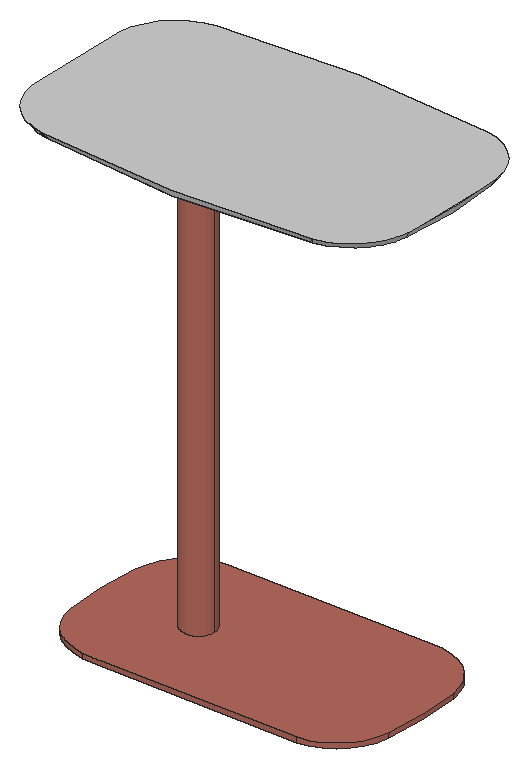
Revit family "Haworth_Pip_Table_Side", category Furniture, Revit 2018
Family settings
  OmniClass Number = 23.40.20.00
  OmniClass Title = General Furniture and Specialties
  Work Plane-Based = No
  Always vertical = Yes
  Cut with Voids When Loaded = No
  Shared = No
  Room Calculation Point = No
Parameters (values of type "13d 21w 26h")
  Warranty = "http://www.haworth.com/resources/product-info/warranties"
  Version = "2"  # constant formula
  URL - Product = "http://www.haworth.com/products/"
  URL = "http://www.haworth.com/"
  Table Finish [instance] = Haworth _ Paint _ Putty
  Size = "Verify Final Dim. w/ Haworth"  # constant formula
  Model = "STP"
  Manufacturer = "Haworth"  # constant formula
  Glide Finish = Haworth _ Polymer _ Black
  Description = "Haworth Pip Table Side - 13d 21w 26h"
  Base Finish [instance] = Haworth _ Paint _ Rusty Red
  Author = "Haworth (Bentzen)"  # constant formula
  Assembly Code = "E2020200"
  Actual Width = 1' - 9"  # constant formula
  Actual Height = 2' - 2"  # constant formula
  Actual Depth = 1' - 1"  # constant formula
Reference planes (in)
  plane 1: z = 0
  plane 2 "Center Left/Right": x = -0.23532
  plane 3: x = -10.73532
  plane 4: x = 10.26468
  plane 5: y = 7.75
  plane 6: y = -5.25
  plane 7 "Table top": z = 26
  plane 8: x = -7.36032
  plane 9: x = 6.88968
  plane 10: y = 4.375
  plane 11: y = -1.875
  plane 12: z = 25.25
  plane 13: z = 25.68102
  plane 14: z = 25.41058
  plane 15: y = 7.625
  plane 16: y = 7.125
  plane 17: y = 1.25
  plane 18: y = -5.125
  plane 19: y = -4.625
  plane 20: x = -10.61032
  plane 21: x = -10.11032
  plane 22: x = 10.13968
  plane 23: x = 9.63968
  plane 24: y = -3.625
  plane 25: y = 6.125
  plane 26: x = -4.73532
  plane 27: x = -2.98532
  plane 28: x = -3.86032
  plane 29 "base outter1": x = -9.23532
  plane 30 "base outter2": x = 8.76468
  plane 31: z = 0.375
  plane 32: z = 0.125
  plane 33: x = -8.05314
  plane 34: x = 7.5825
  plane 35: x = -6.05314
  plane 36: x = 5.5825
  plane 37 "base outter back": y = 6.5
  plane 38 "base otter front": y = -4
  plane 39: y = -3.5
  plane 40: x = -5.73532
  plane 41: x = -5.73532
  plane 42: y = -3.02719
  plane 43: y = 7.08295
  plane 44: y = 6.95678
  plane 45: x = -8.13653
  plane 46: y = -4.58295
  plane 47: y = -4.45678
  plane 48: x = -8.13653
  plane 49: x = -10.38327
  plane 50: x = -10.25827
  plane 51: y = 5.04071
  plane 52: x = -10.38327
  plane 53: x = -10.25827
  plane 54: y = -2.54071
  plane 55: x = 9.91262
  plane 56: x = 9.78762
  plane 57: y = 5.04071
  plane 58: x = 9.91262
  plane 59: x = 9.78762
  plane 60: y = -2.54071
  plane 61: y = 7.08295
  plane 62: y = 6.95678
  plane 63: x = 7.66589
  plane 64: y = -4.58295
  plane 65: y = -4.45678
  plane 66: x = 7.66589
  plane 67: x = -14.5848
  plane 68: x = -14.66322
  plane 69: x = -17.3393
  plane 70: z = 25.2842
  plane 71: x = -15.50449
  plane 72: z = 25.34995
  plane 73: x = -10.07126
  plane 74: x = -9.57126
  plane 75: y = 6.41771
  plane 76: y = 7.08594
  plane 77: x = -7.93454
  plane 78: x = -7.43454
  plane 79: y = 4.281
  plane 80: y = 4.94922
Forms (in)
  Blend 1, solid, material "Haworth _ Paint _ Putty" <- "Table Finish"
    base sketch origin (0, 0, 0) x (1, 0, 0) y (0, 1, 0)
      loop
        arc (-7.56691, 7.05023) -> (-9.45692, 6.07971) -> (-10.40123, 4.17647) r 3.39844
        arc (-10.40123, 4.17647) -> (-10.61032, 1.25) -> (-10.40123, -1.67647) r 20.58396
        arc (-10.40123, -1.67647) -> (-9.45692, -3.57971) -> (-7.56691, -4.55023) r 3.39844
        arc (-7.56691, -4.55023) -> (-0.23532, -5.125) -> (7.09627, -4.55023) r 47.04691
        arc (7.09627, -4.55023) -> (8.98627, -3.57971) -> (9.93058, -1.67647) r 3.39844
        arc (9.93058, -1.67647) -> (10.13968, 1.25) -> (9.93058, 4.17647) r 20.58396
        arc (9.93058, 4.17647) -> (8.98627, 6.07971) -> (7.09627, 7.05023) r 3.39844
        arc (7.09627, 7.05023) -> (-0.23532, 7.625) -> (-7.56691, 7.05023) r 47.04691
    top sketch origin (0, 0, 0) x (1, 0, 0) y (0, 1, 0)
      loop
        arc (-7.64826, 7.26694) -> (-9.64872, 6.26123) -> (-10.58939, 4.22937) r 3.39844
        arc (-10.58939, 4.22937) -> (-10.73532, 1.25) -> (-10.58939, -1.72937) r 30.48607
        arc (-10.58939, -1.72937) -> (-9.64872, -3.76123) -> (-7.64826, -4.76694) r 3.39844
        arc (-7.64826, -4.76694) -> (-0.23532, -5.25) -> (7.17761, -4.76694) r 57.12041
        arc (7.17761, -4.76694) -> (9.17808, -3.76123) -> (10.11874, -1.72937) r 3.39844
        arc (10.11874, -1.72937) -> (10.26468, 1.25) -> (10.11874, 4.22937) r 30.48607
        arc (10.11874, 4.22937) -> (9.17808, 6.26123) -> (7.17761, 7.26694) r 3.39844
        arc (7.17761, 7.26694) -> (-0.23532, 7.75) -> (-7.64826, 7.26694) r 57.12041
    from 25.68102 to 26
  Blend 2, solid, material "Haworth _ Paint _ Putty" <- "Table Finish"
    base sketch origin (0, 0, 0) x (1, 0, 0) y (0, 1, 0)
      loop
        arc (-7.28013, 6.5555) -> (-8.89808, 5.76442) -> (-9.77275, 4.19008) r 3.00391
        arc (-9.77275, 4.19008) -> (-10.0717, 1.25) -> (-9.77275, -1.69008) r 14.60707
        arc (-9.77275, -1.69008) -> (-8.89808, -3.26442) -> (-7.28013, -4.0555) r 3.00391
        arc (-7.28013, -4.0555) -> (-0.23532, -4.58594) -> (6.80948, -4.0555) r 47.04691
        arc (6.80948, -4.0555) -> (8.42743, -3.26442) -> (9.30211, -1.69008) r 3.00391
        arc (9.30211, -1.69008) -> (9.60105, 1.25) -> (9.30211, 4.19008) r 14.60707
        arc (9.30211, 4.19008) -> (8.42743, 5.76442) -> (6.80948, 6.5555) r 3.00391
        arc (6.80948, 6.5555) -> (-0.23532, 7.08594) -> (-7.28013, 6.5555) r 47.04691
    top sketch origin (0, 0, 0) x (1, 0, 0) y (0, 1, 0)
      loop
        arc (-10.40123, 4.17647) -> (-10.61032, 1.25) -> (-10.40123, -1.67647) r 20.58396
        arc (-10.40123, -1.67647) -> (-9.45692, -3.57971) -> (-7.56691, -4.55023) r 3.39844
        arc (-7.56691, -4.55023) -> (-0.23532, -5.125) -> (7.09627, -4.55023) r 47.04691
        arc (7.09627, -4.55023) -> (8.98627, -3.57971) -> (9.93058, -1.67647) r 3.39844
        arc (9.93058, -1.67647) -> (10.13968, 1.25) -> (9.93058, 4.17647) r 20.58396
        arc (9.93058, 4.17647) -> (8.98627, 6.07971) -> (7.09627, 7.05023) r 3.39844
        arc (7.09627, 7.05023) -> (-0.23532, 7.625) -> (-7.56691, 7.05023) r 47.04691
        arc (-7.56691, 7.05023) -> (-9.45692, 6.07971) -> (-10.40123, 4.17647) r 3.39844
    from 25.41058 to 25.68102
  Blend 3, solid, material "Haworth _ Paint _ Putty" <- "Table Finish"
    base sketch origin (0, 0, 0) x (1, 0, 0) y (0, 1, 0)
      loop
        arc (-5.94726, 4.60119) -> (-7.25658, 3.95178) -> (-7.86973, 2.6251) r 2.19922
        arc (-7.86973, 2.6251) -> (-7.93454, 1.25) -> (-7.86973, -0.1251) r 14.61947
        arc (-7.86973, -0.1251) -> (-7.25658, -1.45178) -> (-5.94726, -2.10119) r 2.19922
        arc (-5.94726, -2.10119) -> (-0.23532, -2.44922) -> (5.47662, -2.10119) r 47.04691
        arc (5.47662, -2.10119) -> (6.78594, -1.45178) -> (7.39908, -0.1251) r 2.19922
        arc (7.39908, -0.1251) -> (7.4639, 1.25) -> (7.39908, 2.6251) r 14.61947
        arc (7.39908, 2.6251) -> (6.78594, 3.95178) -> (5.47662, 4.60119) r 2.19922
        arc (5.47662, 4.60119) -> (-0.23532, 4.94922) -> (-5.94726, 4.60119) r 47.04691
    top sketch origin (0, 0, 0) x (1, 0, 0) y (0, 1, 0)
      loop
        arc (-9.77275, 4.19008) -> (-10.0717, 1.25) -> (-9.77275, -1.69008) r 14.60707
        arc (-9.77275, -1.69008) -> (-8.89808, -3.26442) -> (-7.28013, -4.0555) r 3.00391
        arc (-7.28013, -4.0555) -> (-0.23532, -4.58594) -> (6.80948, -4.0555) r 47.04691
        arc (6.80948, -4.0555) -> (8.42743, -3.26442) -> (9.30211, -1.69008) r 3.00391
        arc (9.30211, -1.69008) -> (9.60105, 1.25) -> (9.30211, 4.19008) r 14.60707
        arc (9.30211, 4.19008) -> (8.42743, 5.76442) -> (6.80948, 6.5555) r 3.00391
        arc (6.80948, 6.5555) -> (-0.23532, 7.08594) -> (-7.28013, 6.5555) r 47.04691
        arc (-7.28013, 6.5555) -> (-8.89808, 5.76442) -> (-9.77275, 4.19008) r 3.00391
    from 25.25 to 25.41058
  Extrusion 4, solid, material "Haworth _ Paint _ Rusty Red" <- "Base Finish"
    sketch origin (0, 0, 0) x (1, 0, 0) y (0, 1, 0)
      loop
        circle (-3.86032, 1.25) r 0.875
    from 0.375 to 25.25
  Extrusion 5, solid, material "Haworth _ Paint _ Rusty Red" <- "Base Finish"
    sketch origin (0, 0, 0) x (1, 0, 0) y (0, 1, 0)
      loop
        arc (-6.23586, 6.25371) -> (-8.15624, 5.36481) -> (-9.09822, 3.46991) r 3.191
        arc (-9.09822, 3.46991) -> (-9.23532, 1.2502) -> (-9.09827, -0.96951) r 18.04082
        arc (-9.09827, -0.96951) -> (-8.15618, -2.86471) -> (-6.23552, -3.75374) r 3.19141
        arc (-6.23552, -3.75374) -> (-0.35053, -4.0352) -> (5.53448, -3.75435) r 61.73215
        arc (5.53448, -3.75435) -> (7.45531, -2.86545) -> (8.39755, -0.97022) r 3.19141
        arc (8.39755, -0.97022) -> (8.53469, 1.25) -> (8.39755, 3.47022) r 18.04082
        arc (8.39755, 3.47022) -> (7.45531, 5.36545) -> (5.53448, 6.25435) r 3.19141
        arc (5.53448, 6.25435) -> (-0.3507, 6.5352) -> (-6.23586, 6.25371) r 61.73215
    from 0.125 to 0.375
  Extrusion 6, solid, material "Haworth _ Polymer _ Black" <- "Glide Finish"
    sketch origin (0, 0, 0) x (1, 0, 0) y (0, 1, 0)
      loop
        circle (-6.74368, -2.01296) r 1
      loop
        circle (6.27303, -2.01296) r 1
      loop
        circle (-6.74368, 4.51296) r 1
      loop
        circle (6.27303, 4.51296) r 1
    from 0 to 0.125
Lines and regions (in)
  Masking region 1
    outline origin (0, 0, 0) x (1, 0, 0) y (0, 1, 0)
      loop
        arc (-7.64826, 7.26694) -> (-9.64872, 6.26123) -> (-10.58939, 4.22937) r 3.39844
        arc (-10.58939, 4.22937) -> (-10.73532, 1.25) -> (-10.58939, -1.72937) r 30.48607
        arc (-10.58939, -1.72937) -> (-9.64872, -3.76123) -> (-7.64826, -4.76694) r 3.39844
        arc (-7.64826, -4.76694) -> (-0.23532, -5.25) -> (7.17761, -4.76694) r 57.12041
        arc (7.17761, -4.76694) -> (9.17808, -3.76123) -> (10.11874, -1.72937) r 3.39844
        arc (10.11874, -1.72937) -> (10.26468, 1.25) -> (10.11874, 4.22937) r 30.48607
        arc (10.11874, 4.22937) -> (9.17808, 6.26123) -> (7.17761, 7.26694) r 3.39844
        arc (7.17761, 7.26694) -> (-0.23532, 7.75) -> (-7.64826, 7.26694) r 57.12041
Dimensions and locks (in)
  "Actual Width": plane 3 to plane 4
  "Actual Depth": plane 5 to plane 6
  "Actual Height": plane 7 "Table top" to plane 1
  plane 8 to plane 3 = 0' - 3 3/8"
  plane 4 to plane 9 = 0' - 3 3/8"
  plane 5 to plane 10 = 0' - 3 3/8"
  plane 11 to plane 6 = 0' - 3 3/8"
  plane 7 "Table top" to plane 12 = 0' - 0 3/4"
  plane 5 to plane 15 = 0' - 0 1/8"
  plane 15 to plane 16 = 0' - 0 1/2"
  equal spacing: plane 5, plane 17, plane 6
  plane 3 to plane 20 = 0' - 0 1/8"
  plane 20 to plane 21 = 0' - 0 1/2"
  equal spacing: plane 3, plane 2 "Center Left/Right", plane 4
  plane 24 to plane 6 = 0' - 1 5/8"
  plane 3 to plane 26 = 0' - 6"
  plane 26 to plane 27 = 0' - 1 3/4"
  equal spacing: plane 26, plane 28, plane 27
  locked: plane 30 "base outter2" to plane 29 "base outter1" at 18
  plane 30 "base outter2" to plane 29 "base outter1" = 1' - 6"
  plane 32 to plane 1 = 0' - 0 1/8"
  plane 31 to plane 32 = 0' - 0 1/4"
  plane 33 to plane 29 "base outter1" = 0' - 1.18218"
  plane 35 to plane 33 = 0' - 2"
  plane 36 to plane 34 = 0' - 2"
  plane 17 to plane 37 "base outter back" = 0' - 5 1/4"
  plane 17 to plane 38 "base otter front" = 0' - 5 1/4"
  plane 29 "base outter1" to plane 30 "base outter2" = 1' - 6"
  plane 39 to plane 6 = 0' - 1 3/4"
  plane 3 to plane 40 = 0' - 5"
  plane 72 to plane 12 = 0' - 0.09995"
  plane 13 to plane 14 = 0' - 0.27044"
  plane 7 "Table top" to plane 13 = 0' - 0.31898"
  plane 21 to plane 74 = 0' - 0 69/128"
  plane 44 to plane 75 = 0' - 0 69/128"
  plane 76 to plane 15 = 0' - 0 69/128"
  plane 73 to plane 77 = 0' - 2 35/256"
  plane 74 to plane 78 = 0' - 2 35/256"
  plane 75 to plane 79 = 0' - 2 35/256"
  plane 76 to plane 80 = 0' - 2 35/256"
  aligned and locked: level to plane 1
  aligned and locked: plane 7 "Table top" to Blend 1
  aligned and locked: Blend 1 to plane 13
  aligned and locked: plane 12 to Extrusion 4
Automatic sketch dimensions
  plane 17 to Extrusion 4 sketch curve = 0' - 0"
  Extrusion 4 sketch curve to plane 28 = 0' - 0"
  Extrusion 6 sketch curve to plane 10 = 0' - 0.13796"  (x2)
  Extrusion 6 sketch curve to plane 8 = 0' - 0.61665"  (x2)
  plane 11 to Extrusion 6 sketch curve = 0' - 0.13796"  (x2)
  Extrusion 6 sketch curve to plane 9 = 0' - 0.61665"  (x2)
  plane 17 to Blend 1 sketch curve = 0' - 0"  (x4)
  Blend 1 sketch curve to plane 2 "Center Left/Right" = 0' - 0"  (x4)
  Blend 1 sketch curve to plane 8 = 0' - 0.1531"  (x2)
  Blend 1 sketch curve to plane 3 = 0' - 9.48607"
  Blend 1 sketch curve to plane 9 = 0' - 0.1531"  (x2)
  Blend 1 sketch curve to plane 11 = 0' - 0.47776"
  plane 10 to Blend 1 sketch curve = 0' - 0.47776"  (x2)
  Blend 1 sketch curve to plane 19 = 0' - 0.14194"  (x2)
  plane 8 to Blend 1 sketch curve = 0' - 0.28794"
  Blend 1 sketch curve to plane 16 = 0' - 0.14194"
  Blend 1 sketch curve to Blend 1 sketch curve = 0' - 0"  (x14)
  plane 20 to Blend 1 sketch curve = 0' - 0.02093"
  Blend 1 sketch curve to plane 8 = 0' - 0.32301"  (x2)
  Blend 1 sketch curve to plane 49 = 0' - 0.06102"
  Blend 1 sketch curve to plane 9 = 0' - 0.32301"  (x2)
  Blend 1 sketch curve to plane 55 = 0' - 0.06102"
  Blend 1 sketch curve to plane 11 = 0' - 0.68169"  (x2)
  plane 46 to Blend 1 sketch curve = 0' - 0.03272"
  plane 43 to Blend 1 sketch curve = 0' - 0.03272"  (x2)
  plane 9 to Blend 1 sketch curve = 0' - 0.20659"
  Blend 1 sketch curve to plane 55 = 0' - 0.01796"
  plane 17 to Blend 2 sketch curve = 0' - 0"  (x4)
  Blend 2 sketch curve to plane 2 "Center Left/Right" = 0' - 0"  (x4)
  Blend 2 sketch curve to plane 8 = 0' - 0.32301"  (x2)
  Blend 2 sketch curve to plane 49 = 0' - 0.06102"
  Blend 2 sketch curve to plane 9 = 0' - 0.32301"  (x2)
  Blend 2 sketch curve to plane 55 = 0' - 0.06102"
  Blend 2 sketch curve to plane 11 = 0' - 0.68169"  (x2)
  Blend 2 sketch curve to plane 6 = 2' - 10.17191"
  plane 10 to Blend 2 sketch curve = 0' - 0.68169"  (x2)
  plane 5 to Blend 2 sketch curve = 2' - 10.17191"
  plane 43 to Blend 2 sketch curve = 0' - 0.03272"
  plane 46 to Blend 2 sketch curve = 0' - 0.03272"
  Blend 2 sketch curve to Blend 2 sketch curve = 0' - 0"  (x12)
  Blend 2 sketch curve to plane 26 = 0' - 0.27069"
  Blend 2 sketch curve to plane 8 = 0' - 0.53"  (x2)
  plane 36 to Blend 2 sketch curve = 0' - 1.04713"
  Blend 2 sketch curve to plane 9 = 0' - 0.53"  (x2)
  Blend 2 sketch curve to plane 11 = 0' - 0.78954"  (x2)
  plane 5 to Blend 2 sketch curve = 2' - 10.71097"
  plane 38 "base otter front" to Blend 2 sketch curve = 0' - 0.0555"
  plane 37 "base outter back" to Blend 2 sketch curve = 0' - 0.0555"  (x2)
  Blend 2 sketch curve to plane 79 = 0' - 0.09091"
  Blend 2 sketch curve to plane 23 = 0' - 0.33757"
  plane 17 to Blend 3 sketch curve = 0' - 0"  (x4)
  Blend 3 sketch curve to plane 2 "Center Left/Right" = 0' - 0"  (x4)
  Blend 3 sketch curve to plane 26 = 0' - 0.27069"
  Blend 3 sketch curve to plane 8 = 0' - 0.53"  (x2)
  plane 36 to Blend 3 sketch curve = 0' - 1.04713"
  Blend 3 sketch curve to plane 9 = 0' - 0.53"  (x2)
  Blend 3 sketch curve to plane 11 = 0' - 0.78954"  (x2)
  Blend 3 sketch curve to plane 6 = 2' - 10.71097"
  plane 10 to Blend 3 sketch curve = 0' - 0.78954"  (x2)
  plane 5 to Blend 3 sketch curve = 2' - 10.71097"
  plane 38 "base otter front" to Blend 3 sketch curve = 0' - 0.0555"
  Blend 3 sketch curve to Blend 3 sketch curve = 0' - 0"  (x13)
  plane 37 "base outter back" to Blend 3 sketch curve = 0' - 0.0555"
  plane 40 to Blend 3 sketch curve = 0' - 0.05506"  (x2)
  Blend 3 sketch curve to plane 8 = 0' - 0.20475"
  plane 36 to Blend 3 sketch curve = 0' - 0.37288"  (x2)
  Blend 3 sketch curve to plane 9 = 0' - 0.20475"
  plane 17 to Blend 3 sketch curve = 0' - 1.16824"
  Blend 3 sketch curve to plane 17 = 0' - 1.16824"  (x2)
  plane 35 to Blend 3 sketch curve = 0' - 0.10588"  (x2)
  plane 36 to Blend 3 sketch curve = 0' - 0.10588"
  plane 34 to Blend 3 sketch curve = 0' - 0.18341"
  plane 17 to Extrusion 5 sketch curve = 0' - 0"  (x2)
  plane 74 to Extrusion 5 sketch curve = 0' - 0.06513"
  plane 35 to Extrusion 5 sketch curve = 0' - 0.12167"
  plane 35 to Extrusion 5 sketch curve = 0' - 0.12203"
  Extrusion 5 sketch curve to plane 2 "Center Left/Right" = 0' - 0.112"  (x2)
  plane 36 to Extrusion 5 sketch curve = 0' - 0.35209"  (x2)
  plane 30 "base outter2" to Extrusion 5 sketch curve = 0' - 0.04082"
  Extrusion 5 sketch curve to plane 11 = 0' - 1.29754"
  plane 10 to Extrusion 5 sketch curve = 0' - 1.29774"
  plane 10 to Extrusion 5 sketch curve = 0' - 1.29754"
  plane 29 "base outter1" to Extrusion 5 sketch curve = 0' - 0.13705"
  Extrusion 5 sketch curve to Extrusion 5 sketch curve = 0' - 0"  (x8)
  plane 36 to Extrusion 5 sketch curve = 0' - 0.04802"
  Extrusion 5 sketch curve to plane 30 "base outter2" = 0' - 0.36712"
  Masking region 1 sketch curve to plane 2 "Center Left/Right" = 0' - 0"  (x2)
  Masking region 1 sketch curve to plane 8 = 0' - 0.1531"  (x2)
  Masking region 1 sketch curve to plane 6 = 3' - 8.12041"
  Masking region 1 sketch curve to plane 79 = 0' - 0.38375"
  Masking region 1 sketch curve to plane 16 = 0' - 0.14194"  (x2)
  Masking region 1 sketch curve to Masking region 1 sketch curve = 0' - 0"  (x7)
  plane 20 to Masking region 1 sketch curve = 0' - 0.02093"  (x2)
  plane 17 to Masking region 1 sketch curve = 0' - 0"  (x2)
  Masking region 1 sketch curve to plane 19 = 0' - 0.14194"  (x2)
  Masking region 1 sketch curve to plane 9 = 0' - 0.1531"
  plane 22 to Masking region 1 sketch curve = 0' - 0.02093"  (x2)
  radius of Extrusion 4 sketch curve = 0' - 0 7/8"
  radius of Extrusion 6 sketch curve = 0' - 1"  (x4)
